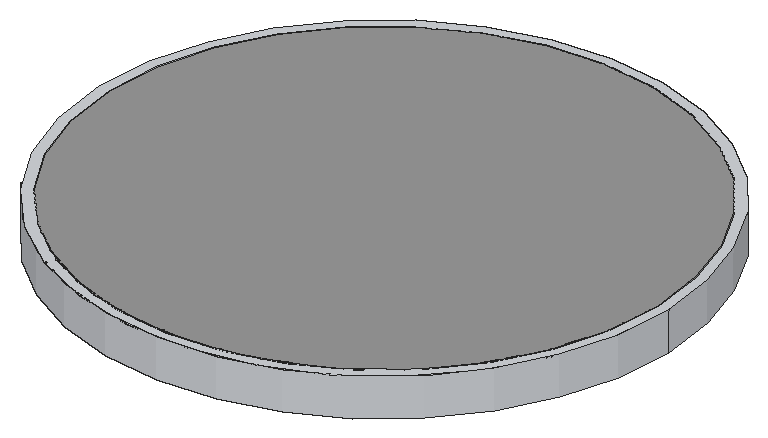
Revit family "2071249", category Lighting Fixtures, host Face, Revit 2018
Family settings
  Host = Face
  Round Connector Dimension = Use Diameter
  Part Type = Normal
  OmniClass Number = 23.80.70.00
  OmniClass Title = Lighting
  Cut with Voids When Loaded = No
  Light Source = Yes
  Shared = No
  Room Calculation Point = No
Parameters (values of type "2071249 COLOSSAL 900 940 OP DIR WHT DALI")
  iner diameter = 856 mm
  Weight = "n/a"
  Wattage Comments = ""
  Wattage = 30 W
  WarrantyStartDate [instance] = "n/a"
  WarrantyGuarantorParts = "n/a"
  WarrantyDurationUnit = "n/a"
  WarrantyDurationParts = ""
  WarrantyDescription = "http://www.sylvania-lighting.com"
  built-in parameter 1150110 = 1 (stored number, unit not read)
  Voltage = 230 V
  URL = "0.95"
  TypeName = "COLOSSAL 900mm 940 OPAL DIR WHITE DALI"
  Type Image = <None>
  Type Comments = "n/a"
  built-in parameter 1114217 = 1 (stored number, unit not read)
  Tilt Angle = -90.00°
  built-in parameter 1150109 = 1 (stored number, unit not read)
  built-in parameter 1150134 = (empty or 0)
  built-in parameter 1150113 = 1 (stored number, unit not read)
  SerialNumber [instance] = "n/a"
  Photometric Web File = "2071249.ies"
  Material_3_SYL = LED-Sylvania
  PowerFactor = 0
  PowerConsumption = "Lighting"
  NominalLength = 888 mm
  NominalHeight = 93 mm
  NominalDepth = 888 mm
  Name = "COLOSSAL 900mm 940 OPAL DIR WHITE DALI"
  ModelReference = Name  # "COLOSSAL 900mm 940 OPAL DIR WHITE DALI"
  ModelNumber = "2071249"
  Model = Name  # "COLOSSAL 900mm 940 OPAL DIR WHITE DALI"
  Material = "Feilo Sylvania"
  ManufacturerName = "121 lm/W"
  Manufacturer = ""
  LuminousEfficacy = ""
  built-in parameter 1150105 = 270.44 (stored number, unit not read)
  Lumens = 3398.4 lm
  LuminaireType = "0"
  built-in parameter 1150115 = 1 (stored number, unit not read)
  LightOutputRatio = "LED"
  built-in parameter 1150137 = (empty or 0)
  built-in parameter 1150139 = (empty or 0)
  LampsType = Lamp  # "n/a"
  LampNominalLuminous = "4000 K"
  LampMacAdamStep = "90"
  LampColourTemperature = "LED"
  LampColourRenderingIndex = "16500"
  built-in parameter 1150112 = 1 (stored number, unit not read)
  built-in parameter 1150114 = 1 (stored number, unit not read)
  Lamp = "n/a"
  Keynote = "n/a"
  InstallationDate [instance] = "n/a"
  InputVoltage = "0"
  InputNominalFrequency = "4000"
  built-in parameter 1150132 = (empty or 0)
  built-in parameter 1150102 = (empty or 0)
  built-in parameter 1150107 = 3000 (stored number, unit not read)
  built-in parameter 1150138 = (empty or 0)
  IngressProtection = "IfcLightFixtureType"
  ImpactProtectionIndex = "IfcLightFixtureType"
  built-in parameter 1150106 = 2.7044 (stored number, unit not read)
  IfcExportType = "IfcLightFixtureType"
  IfcExportAs = "Class I"
  Emit from Circle Diameter = 385 mm
  Emit Shape Visible in Rendering = no
  ElectricShockClassification = "121"
  built-in parameter 1150104 = 10.524 (stored number, unit not read)
  DocumentationLiterature = "http://www.sylvania-lighting.com/product/en-int/products/2071249"
  DimmingControlOptions = "n/a"
  Material_2_SYL = Polycarbonate_Sylvania_White
  Dimming Lamp Color Temperature Shift = <None>
  Description = "900mm diameter circular architectural luminaire, can be surface mounted or suspended. Powder coated aluminium housing (RAL9016) with polycarbonate opal diffuser. Direct light distribution, 9275lm luminuous flux, 76.8W system power, 121lm/W luminiaire efficacy. DALI dimmable. Colour rendering index Ra >90, 4000K Neutral White LED, chromaticity tolerance of 3-step MacAdam ellipse. IP40/IP20, IK03. 450mA drive current. Electrical protection Class1, 220-240V. Reported lifetime 66k hours L90B10."
  Default Elevation = 1219.2 mm
  CreatedOn = "23/03/2022"
  CreatedBy = "@sylvania-lighting.com"
  Cost = 0
  Color Filter = 16777215
  built-in parameter 1114216 [instance] = (empty or 0)
  ClassificationValue = "EF_70_80"
  ClassificationName = "Uniclass2015"
  Material_1_SYL = Polycarbonate_Sylvania_Opal
  BarCode [instance] = "n/a"
  built-in parameter 1114218 = 1 (stored number, unit not read)
  built-in parameter 1150133 = 10 (stored number, unit not read)
  AssetType = "Fixed"
  AssetIdentifier [instance] = "n/a"
  Assembly Code = "D5020200"
  Apparent Load = 76.8 VA
  Material_4_SYL = none
Reference planes
  plane 1 "Center (Front/Back)": y = 0
  plane 2: z = 0
  plane 3 "Center (Left/Right)": x = 0
  plane 4: z = 1.161
  plane 5: z = 16.161
  plane 6: x = -444
  plane 7: x = 444
  plane 8: y = 444
  plane 9: y = -444
  plane 10: y = 236
  plane 11: y = -236
  plane 12: x = 85
  plane 13: x = -85
  plane 14: through (0, 0, 1219.2) normal (0.5, 0.866, 0)
  plane 15: through (42.5, 73.612, 1219.2) normal (0.5, 0.866, 0)
  plane 16: through (-42.5, -73.612, 1219.2) normal (0.5, 0.866, 0)
  plane 17: through (0, 0, 1219.2) normal (0.5, -0.866, 0)
  plane 18: through (-42.5, 73.612, 1219.2) normal (0.5, -0.866, 0)
  plane 19: through (42.5, -73.612, 1219.2) normal (0.5, -0.866, 0)
  plane 20: z = 93
  plane 21: y = 428
  plane 22: y = -428
Forms (mm)
  Extrusion 1, solid, detail levels medium+fine
    sketch origin (0, 0, 0) x (0.866025, -0.5, 0) y (0.5, 0.866025, 0)
      loop
        circle (-50, 86.603) r 22
    from 0 to 2
  Extrusion 2, solid, detail levels medium+fine
    sketch origin (0, 0, 0) x (0.866025, -0.5, 0) y (0.5, 0.866025, 0)
      loop
        circle (100, 0) r 22
      loop
        circle (-50, -86.603) r 22
    from 0 to 2
  Blend 3, solid, detail levels medium+fine
    base sketch origin (0, 0, 0) x (1, 0, 0) y (0, 1, 0)
      loop
        line (-85, 236) -> (-246.882, -44.388) -> (-161.882, -191.612) -> (161.882, -191.612) -> (246.882, -44.388) -> (85, 236) -> (-85, 236)
    top sketch origin (0, 0, 0) x (1, 0, 0) y (0, 1, 0)
      loop
        line (-85, 283.076) -> (-287.651, -67.926) -> (-207.792, -218.119) -> (207.792, -218.119) -> (292.5, -71.401) -> (85, 283.076) -> (-85, 283.076)
    from 0 to 33.022
  Extrusion 4, solid, detail levels medium+fine
    sketch origin (0, 0, 0) x (1, 0, 0) y (0, 1, 0)
      loop
        circle (0, 0) r 444
    from 33.022 to 93
  Extrusion 5, void
    sketch origin (0, 0, 0) x (1, 0, 0) y (0, 1, 0)
      loop
        circle (0, 0) r 428
    from 96.588 to 37.292
  Extrusion 6, solid, material "Glass, White, High Luminance", detail levels fine
    sketch origin (0, 0, 0) x (1, 0, 0) y (0, 1, 0)
      loop
        circle (0, 0) r 428
    from 87.991 to 93
  Extrusion 7, solid, detail levels coarse
    sketch origin (0, 0, 0) x (1, 0, 0) y (0, 1, 0)
      loop
        line (-444, 444) -> (-444, -444) -> (444, -444) -> (444, 444) -> (-444, 444)
    from 0 to 93.648
Cuts and joins
  Extrusion 5 cuts Extrusion 1
  Extrusion 5 cuts Extrusion 2
  Extrusion 5 cuts Blend 3
  Extrusion 5 cuts Extrusion 4
Lines and regions (mm)
  model lines, detail levels medium+fine
    curve 1: circle (0, 0, 0) r 100 normal (0, 0, 1)
Dimensions and locks
  "NominalDepth": plane 8 to plane 9
  plane 8 to plane 1 "Center (Front/Back)" to plane 9 = 444 mm, 444 mm
  "NominalLength": plane 6 to plane 7
  equal spacing: plane 6, plane 3 "Center (Left/Right)", plane 7
  "NominalHeight": level to plane 20
  "iner diameter": plane 21 to plane 22
  equal spacing: plane 21, plane 1 "Center (Front/Back)", plane 22
  aligned and locked: plane 2 to host face
  aligned and locked: level to host face
Automatic sketch dimensions
  host sketch curve to host sketch curve = 2438.4 mm  (x2)
  Extrusion 1 sketch curve to plane 3 "Center (Left/Right)" = 0 mm
  Extrusion 1 sketch curve to plane 1 "Center (Front/Back)" = 100 mm
  plane 1 "Center (Front/Back)" to Extrusion 2 sketch curve = 50 mm
  Extrusion 2 sketch curve to plane 3 "Center (Left/Right)" = 86.603 mm
  Extrusion 2 sketch curve to Extrusion 2 sketch curve = 150 mm
  Extrusion 2 sketch curve to Extrusion 2 sketch curve = 86.603 mm
  plane 1 "Center (Front/Back)" to curve 1 = 0 mm
  curve 1 to plane 3 "Center (Left/Right)" = 0 mm
  plane 18 to Blend 3 sketch curve = 0 mm  (x2)
  plane 19 to Blend 3 sketch curve = 0 mm  (x2)
  Blend 3 sketch curve to plane 10 = 0 mm
  Blend 3 sketch curve to plane 13 = 0 mm  (x2)
  Blend 3 sketch curve to plane 12 = 0 mm  (x2)
  Blend 3 sketch curve to plane 16 = 0 mm  (x2)
  Blend 3 sketch curve to plane 15 = 0 mm
  plane 11 to Blend 3 sketch curve = 44.388 mm
  plane 1 "Center (Front/Back)" to Blend 3 sketch curve = 44.388 mm  (x2)
  plane 11 to Blend 3 sketch curve = 17.881 mm
  plane 1 "Center (Front/Back)" to Blend 3 sketch curve = 67.926 mm
  plane 1 "Center (Front/Back)" to Blend 3 sketch curve = 71.401 mm
  Blend 3 sketch curve to plane 7 = 151.5 mm
  plane 10 to Blend 3 sketch curve = 47.076 mm
  plane 1 "Center (Front/Back)" to Extrusion 4 sketch curve = 0 mm
  Extrusion 4 sketch curve to plane 3 "Center (Left/Right)" = 0 mm
  plane 1 "Center (Front/Back)" to Extrusion 5 sketch curve = 0 mm
  Extrusion 5 sketch curve to plane 3 "Center (Left/Right)" = 0 mm
  plane 1 "Center (Front/Back)" to Extrusion 6 sketch curve = 0 mm
  Extrusion 6 sketch curve to plane 3 "Center (Left/Right)" = 0 mm
  Extrusion 7 sketch curve to plane 6 = 0 mm
  Extrusion 7 sketch curve to plane 7 = 0 mm
  Extrusion 7 sketch curve to plane 9 = 0 mm
  Extrusion 7 sketch curve to plane 8 = 0 mm
  radius of Extrusion 1 sketch curve = 22 mm
  radius of Extrusion 2 sketch curve = 22 mm  (x2)
  radius of curve 1 = 100 mm
  radius of Extrusion 4 sketch curve = 444 mm
  radius of Extrusion 5 sketch curve = 428 mm
  radius of Extrusion 6 sketch curve = 428 mm
Connectors
  electrical at (0, 0, 0), driven by "Apparent Load", driven by "PowerFactor", driven by "Voltage"
    settings: index 1, voltage 230 V, apparent load 76.8 VA, apparent load phase1 0 VA, apparent load phase2 0 VA, apparent load phase3 0 VA, power factor 0, load classification "Lighting", number of poles 1, system type 30, power factor state 1, is connector primary yes, connector utility no, sub classification motor no, connector description ""
